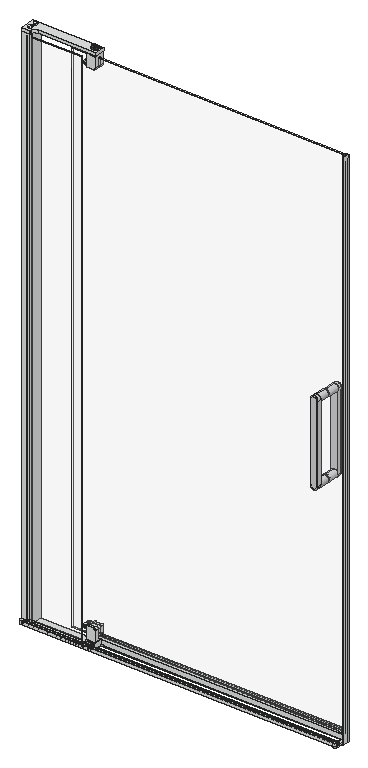
Revit family "Shower-Shower_Door-KOHLER-Revel-K-707546_1", category Specialty Equipment, host Face, Revit 2022 (continued)
Definition of nested family "K-707546"
  Dimensions and locks (in)
    aligned and locked: Masking region 3 sketch curve to plane 30
    aligned and locked: plane 29 to Masking region 3 sketch curve
    aligned and locked: Extrusion 35 sketch curve to plane 28
    aligned and locked: Extrusion 35 to plane 22
    aligned and locked: Masking region 3 sketch curve to plane 28
    aligned and locked: plane 22 to Masking region 1 sketch curve
    aligned and locked: Masking region 1 sketch curve to plane 30
  Automatic sketch dimensions
    curve 91 to curve 92 = 0"  (x2)
    curve 91 to curve 93 = 0"  (x2)
    curve 91 to curve 94 = 0"  (x2)
    curve 91 to curve 95 = 0"  (x2)
    curve 92 to curve 93 = 0"  (x2)
    curve 92 to curve 94 = 0"  (x2)
    curve 92 to curve 95 = 0"  (x2)
    curve 93 to curve 94 = 0"  (x2)
    curve 93 to curve 95 = 0"  (x2)
    curve 94 to curve 95 = 0"  (x2)
    curve 143 to curve 144 = 0"  (x2)
    curve 143 to curve 145 = 0"  (x2)
    curve 143 to curve 146 = 0"  (x2)
    curve 144 to curve 145 = 0"  (x2)
    curve 144 to curve 146 = 0"  (x2)
    curve 145 to curve 146 = 0"  (x2)
    curve 80 to plane 4 = 0"
    curve 74 to plane 14 = 0"
    plane 1 "Center (Front/Back)" to curve 94 = 0"
    curve 75 to plane 14 = 0"
    curve 78 to plane 27 = 0"
    curve 147 to plane 27 = 0"
    plane 15 to curve 135 = 0"
    plane 15 to curve 136 = 0"
    curve 150 to plane 29 = 0"
    curve 159 to plane 31 = 0"
    curve 153 to plane 30 = 0"
    curve 161 to plane 30 = 0"
    curve 152 to plane 30 = 0"
    plane 15 to curve 150 = 0"
    plane 19 "A" to curve 131 = 0.03673"
    plane 18 to curve 131 = 0.13423"
    plane 20 "B" to curve 116 = 0.03673"
    plane 18 to curve 116 = 0.13423"
    plane 18 to curve 128 = 0.03673"
    plane 18 to curve 123 = 0.03673"
    plane 18 to curve 108 = 0.03673"
    plane 18 to curve 119 = 0.03673"
    curve 118 to plane 18 = 0.03673"
    curve 109 to plane 18 = 0.03673"
    curve 130 to plane 18 = 0.03673"
    curve 124 to plane 18 = 0.03673"
    curve 125 to plane 19 "A" = 0.03673"
    curve 122 to curve 125 = 0.0975"
    plane 20 "B" to curve 112 = 0.03673"
    curve 110 to curve 112 = 0.0975"
    curve 81 to curve 81 = 0.09093"
    curve 85 to plane 5 = 61/256"
    curve 84 to plane 5 = 0.03"
    curve 83 to plane 5 = 0.03"
    plane 1 "Center (Front/Back)" to curve 102 = 0.02884"
    plane 5 to curve 102 = 0.76063"
    plane 20 "B" to curve 141 = 0.16284"
    curve 102 to curve 141 = 0.04852"
    curve 102 to curve 96 = 0.09966"
    curve 102 to curve 104 = 0.09966"
    curve 141 to curve 143 = 0.07988"
    curve 96 to curve 140 = 0.02874"
    curve 140 to curve 94 = 0.0001"
    curve 95 to curve 103 = 0.02884"
    curve 140 to curve 100 = 0.02895"
    plane 1 "Center (Front/Back)" to curve 103 = 0.02884"
    curve 103 to curve 103 = 0.09966"
    plane 1 "Center (Front/Back)" to curve 142 = 0.04856"
    curve 142 to plane 27 = 0.23277"
    curve 157 to plane 31 = 0.03365"
    plane 31 to curve 158 = 0.01322"
    plane 31 to curve 156 = 0.02423"
    curve 156 to curve 154 = 0.00633"
    curve 155 to curve 153 = 0.05885"
    plane 31 to curve 155 = 0.08389"
    plane 1 "Center (Front/Back)" to curve 160 = 0.00425"
    curve 155 to curve 160 = 0.02009"
    plane 31 to curve 162 = 0.15086"
    curve 163 to curve 163 = 0.02441"
    curve 148 to plane 30 = 0.05767"
    curve 147 to plane 30 = 0.05767"
    curve 80 to curve 79 = 0.1652"
    curve 84 to plane 15 = 0.4581"
    curve 84 to curve 85 = 0.11575"
    curve 130 to curve 129 = 0.0975"
    plane 19 "A" to curve 130 = 0.03673"
    curve 127 to plane 19 "A" = 0.03673"
    curve 120 to curve 121 = 0.0975"
    plane 1 "Center (Front/Back)" to curve 162 = 0.18411"
    curve 163 to curve 148 = 0.02361"
    curve 104 to curve 104 = 0.09966"
    curve 101 to plane 1 "Center (Front/Back)" = 0.02884"
    curve 96 to plane 1 "Center (Front/Back)" = 0.02884"
    curve 96 to curve 140 = 0.00248"
    curve 155 to plane 1 "Center (Front/Back)" = 0.09118"
    curve 99 to curve 97 = 0.09966"
    curve 155 to curve 154 = 0.06544"
    curve 154 to curve 156 = 0.00927"
    curve 111 to plane 20 "B" = 0.13423"
    curve 158 to plane 20 "B" = 0.03683"
    curve 114 to plane 20 "B" = 0.03673"
    curve 119 to plane 20 "B" = 0.03673"
    curve 158 to curve 157 = 0.0175"
    curve 108 to curve 108 = 0.0975"
    curve 141 to curve 144 = 0.00699"
    curve 88 to curve 81 = 0.00607"
    plane 5 to curve 87 = 0.27052"
    plane 5 to curve 74 = 0.38638"
    curve 94 to curve 102 = 0.2311"
    curve 92 to curve 102 = 0.08693"
    plane 20 "B" to curve 141 = 0.01706"
    curve 74 to curve 141 = 0.00276"
    curve 140 to curve 141 = 0"
    curve 143 to curve 141 = 0.01712"
    curve 141 to curve 144 = 0.00256"
    curve 146 to curve 75 = 0.02854"
    plane 1 "Center (Front/Back)" to curve 142 = 0.13925"
    curve 75 to plane 27 = 0.1683"
    curve 89 to plane 27 = 0.04478"
    curve 135 to plane 19 "A" = 0.21563"
    curve 135 to plane 6 "K" = 0.49213"
    curve 132 to plane 20 "B" = 0.11924"
    curve 132 to plane 6 "K" = 0.49213"
    curve 138 to plane 6 "K" = 0.49213"
    plane 6 "K" to curve 136 = 0.49213"
    curve 134 to curve 136 = 0"
    plane 6 "K" to curve 138 = 0.49213"
    curve 156 to plane 29 = 0.05792"
    curve 156 to curve 139 = 0.00498"
    curve 163 to curve 161 = 0.0027"
    plane 30 to curve 162 = 0.01307"
    curve 136 to curve 137 = 0.05765"
    curve 137 to curve 151 = 0.2007"
    curve 151 to curve 152 = 0.06438"
    curve 87 to curve 90 = 0.123"
    curve 89 to curve 87 = 0.11678"
    curve 162 to plane 19 "A" = 0.03474"
    curve 162 to curve 161 = 0.0941"
    curve 77 to curve 148 = 0.17575"
    curve 150 to plane 19 "A" = 0.21563"
    curve 136 to plane 19 "A" = 0.21563"
    curve 76 to curve 148 = 0.06517"
    curve 76 to plane 14 = 0.19046"
    curve 133 to plane 14 = 0.19046"
    curve 134 to plane 14 = 0.19046"
    plane 12 to curve 138 = 0.51403"
    curve 35 to curve 36 = 0"  (x2)
    plane 4 to curve 3 = 0"
    plane 4 to curve 5 = 0"
    curve 1 to plane 7 = 0"
    curve 4 to plane 16 = 0"
    curve 4 to plane 17 = 0"
    curve 3 to plane 8 = 0"
    curve 14 to plane 21 "C" = 0"
    curve 6 to plane 5 = 0"
    curve 5 to plane 5 = 0"
    curve 33 to plane 17 = 0"
    curve 13 to plane 16 = 0"
    curve 20 to plane 8 = 0"
    curve 23 to plane 7 = 0"
    curve 34 to plane 17 = 0"
    curve 15 to plane 16 = 0"
    curve 166 to plane 22 = 0"
    curve 17 to plane 30 = 0"
    curve 165 to plane 30 = 0"
    curve 149 to level = 0"
    curve 149 to plane 22 = 0"
    curve 167 to level = 0"
    curve 35 to plane 9 "D" = 0"
    curve 6 to plane 17 = 0"
    curve 14 to plane 5 = 0.03234"
    plane 9 "D" to curve 33 = 0.02692"
    plane 5 to curve 33 = 0.26228"
    curve 7 to plane 21 "C" = 0.03784"
    plane 5 to curve 7 = 0.28002"
    plane 9 "D" to curve 30 = 0.27933"
    curve 8 to curve 8 = 0.24016"
    curve 30 to plane 27 = 0.31124"
    curve 10 to plane 21 "C" = 0.03893"
    curve 10 to plane 27 = 0.28385"
    plane 9 "D" to curve 34 = 0.02692"
    plane 31 to curve 166 = 0.15086"
    plane 16 to curve 18 = 0.04195"
    plane 7 to curve 2 = 0.03277"
    plane 18 to curve 2 = 0.246"
    curve 2 to curve 1 = 0"  (x2)
    curve 1 to plane 18 = 0.246"
    curve 4 to plane 18 = 0.48083"
    curve 1 to curve 3 = 0.23863"
    plane 5 to curve 22 = 0.26706"
    curve 31 to curve 36 = 0.02188"
    plane 26 to curve 25 = 0.16051"
    plane 5 to curve 25 = 0.56409"
    plane 16 to curve 12 = 0.12358"
    curve 7 to curve 12 = 0.37288"
    curve 12 to curve 13 = 0"
    curve 25 to curve 24 = 23/256"
    curve 22 to curve 20 = 0.38688"
    curve 24 to curve 23 = 0"  (x2)
    curve 20 to curve 21 = 0"  (x2)
    curve 20 to plane 27 = 0.45049"
    curve 23 to curve 20 = 0"
    curve 13 to curve 11 = 0.40467"
    curve 13 to curve 12 = 0.00481"
    curve 24 to curve 25 = 23/256"
    curve 22 to plane 27 = 0.06361"
    curve 15 to plane 27 = 0.04478"
    curve 168 to plane 29 = 0.05794"
    curve 149 to plane 28 = 0.05484"
    curve 16 to level = 0.00013"
    curve 18 to curve 15 = 0.13054"
    plane 16 to curve 11 = 0.16295"
    curve 166 to curve 19 = 0.42563"
    plane 16 to curve 6 = 0.46758"
    curve 7 to curve 6 = 0"
    plane 21 "C" to curve 14 = 0.31068"
    curve 35 to plane 9 "D" = 0.16965"
    curve 22 to plane 8 = 0.13399"
    curve 21 to plane 8 = 0.07121"
    curve 24 to curve 25 = 0.063"
    Extrusion 1 sketch curve to level = 0"
    Extrusion 1 sketch curve to plane 15 = 0.06835"
    Extrusion 1 sketch curve to Extrusion 1 sketch curve = 0.0575"
    Extrusion 1 sketch curve to Extrusion 1 sketch curve = 0.00517"
    Extrusion 1 sketch curve to Extrusion 1 sketch curve = 0.01419"
    Extrusion 1 sketch curve to Extrusion 1 sketch curve = 0.06095"
    level to Extrusion 1 sketch curve = 1/16"
    Extrusion 1 sketch curve to plane 19 "A" = 0.24875"
    Extrusion 1 sketch curve to Extrusion 1 sketch curve = 0.0269"
    Extrusion 1 sketch curve to plane 14 = 0.11294"
    Extrusion 1 sketch curve to plane 14 = 0.10972"
    level to Extrusion 1 sketch curve = 0.0362"
    level to Extrusion 1 sketch curve = 0.1353"
    Extrusion 1 sketch curve to Extrusion 1 sketch curve = 0.18081"
    Extrusion 1 sketch curve to plane 16 = 0.14992"
    Extrusion 2 sketch curve to plane 15 = 0"
    Extrusion 2 sketch curve to plane 16 = 0"
    Extrusion 2 sketch curve to level = 0"
    Extrusion 2 sketch curve to Extrusion 2 sketch curve = 0.02565"
    Extrusion 2 sketch curve to Extrusion 2 sketch curve = 0.04849"
    Extrusion 2 sketch curve to plane 15 = 0.06835"
    Extrusion 2 sketch curve to Extrusion 2 sketch curve = 0.01986"
    Extrusion 2 sketch curve to Extrusion 2 sketch curve = 0.13"
    Extrusion 2 sketch curve to Extrusion 2 sketch curve = 0.03"
    Extrusion 2 sketch curve to Extrusion 2 sketch curve = 0.02306"
    level to Extrusion 2 sketch curve = 0.06"
    Extrusion 2 sketch curve to plane 19 "A" = 0.21563"
    Extrusion 2 sketch curve to level = 0.00012"
    Extrusion 2 sketch curve to Extrusion 2 sketch curve = 0.05002"
    Extrusion 2 sketch curve to Extrusion 2 sketch curve = 0.06012"
    Extrusion 2 sketch curve to Extrusion 2 sketch curve = 0.23886"
    Extrusion 2 sketch curve to Extrusion 2 sketch curve = 0.03927"
    Extrusion 3 sketch curve to plane 15 = 0"
    Extrusion 3 sketch curve to plane 16 = 0"
    plane 15 to Extrusion 3 sketch curve = 0.01592"
    Extrusion 3 sketch curve to Extrusion 3 sketch curve = 0.01926"
    Extrusion 3 sketch curve to plane 15 = 0.27398"
    Extrusion 3 sketch curve to Extrusion 3 sketch curve = 0.02839"
    level to Extrusion 3 sketch curve = 0.12718"
    Extrusion 3 sketch curve to Extrusion 3 sketch curve = 0.02873"
    Extrusion 3 sketch curve to Extrusion 3 sketch curve = 0.00215"
    Extrusion 3 sketch curve to Extrusion 3 sketch curve = 0.01786"
    Extrusion 3 sketch curve to Extrusion 3 sketch curve = 0.03964"
    level to Extrusion 3 sketch curve = 0.02652"
    Extrusion 3 sketch curve to plane 19 "A" = 0.24875"
    Extrusion 3 sketch curve to level = 0.00012"
    Extrusion 3 sketch curve to plane 20 "B" = 0.05137"
    Extrusion 3 sketch curve to plane 20 "B" = 0.04724"
    Extrusion 3 sketch curve to plane 20 "B" = 0.01862"
    level to Extrusion 3 sketch curve = 0.03588"
    Extrusion 3 sketch curve to Extrusion 3 sketch curve = 0.03586"
    Extrusion 3 sketch curve to Extrusion 3 sketch curve = 0.17605"
    plane 16 to Extrusion 3 sketch curve = 0.01936"
    Extrusion 4 sketch curve to plane 4 = 0"  (x3)
    Extrusion 4 sketch curve to Extrusion 4 sketch curve = 0.0602"  (x3)
    plane 18 to Extrusion 4 sketch curve = 0.07962"  (x2)
    Extrusion 4 sketch curve to plane 18 = 0.12868"
    Extrusion 4 sketch curve to Extrusion 4 sketch curve = 0.35216"
    Extrusion 4 sketch curve to plane 14 = 0.06541"
    Extrusion 4 sketch curve to plane 18 = 0.48463"
    Extrusion 4 sketch curve to Extrusion 4 sketch curve = 0.08028"
    Extrusion 4 sketch curve to plane 20 "B" = 0.05739"
    Extrusion 4 sketch curve to Extrusion 4 sketch curve = 0.06414"
    Extrusion 4 sketch curve to plane 19 "A" = 0.12285"
    Extrusion 4 sketch curve to plane 19 "A" = 0.05862"
    plane 19 "A" to Extrusion 4 sketch curve = 0.29112"
    Extrusion 4 sketch curve to Extrusion 4 sketch curve = 0.11575"
    Extrusion 4 sketch curve to plane 15 = 0.32135"
    Extrusion 4 sketch curve to Extrusion 4 sketch curve = 0.063"
    plane 18 to Extrusion 5 sketch curve = 0.07962"  (x2)
    Extrusion 5 sketch curve to plane 18 = 0.12868"
    Extrusion 5 sketch curve to plane 5 = 61/256"
    Extrusion 5 sketch curve to plane 5 = 0.03"  (x2)
    Extrusion 5 sketch curve to plane 15 = 0.4581"
    Extrusion 5 sketch curve to Extrusion 5 sketch curve = 0.11575"
    Extrusion 6 sketch curve to plane 14 = 0"
    Extrusion 6 sketch curve to plane 15 = 0.20009"
    Extrusion 6 sketch curve to plane 18 = 0.45693"
    Extrusion 6 sketch curve to Extrusion 6 sketch curve = 0.09093"
    Extrusion 6 sketch curve to Extrusion 6 sketch curve = 0.51584"
    Extrusion 6 sketch curve to Extrusion 6 sketch curve = 0.07427"
    Revolve 7 sketch curve to plane 7 = 0.10388"
    Revolve 7 sketch curve to Revolve 7 sketch curve = 0.03277"
    Revolve 7 sketch curve to Revolve 7 sketch curve = 0.17753"
    Revolve 7 sketch curve to plane 26 = 0.02929"
    Revolve 7 sketch curve to Revolve 7 sketch curve = 0.2419"
    Revolve 8 sketch curve to Revolve 8 sketch curve = 0.03277"
    Revolve 8 sketch curve to Revolve 8 sketch curve = 0.17753"
    Revolve 8 sketch curve to plane 7 = 0.10388"
    plane 26 to Revolve 8 sketch curve = 0.01062"
    Revolve 8 sketch curve to plane 26 = 0.13893"
    Extrusion 9 sketch curve to level = 0"
    Extrusion 9 sketch curve to plane 15 = 0.06835"
    Extrusion 9 sketch curve to Extrusion 9 sketch curve = 0.0575"
    Extrusion 9 sketch curve to Extrusion 9 sketch curve = 0.11628"
    Extrusion 9 sketch curve to Extrusion 9 sketch curve = 0.01"
    Extrusion 9 sketch curve to Extrusion 9 sketch curve = 0.0365"
    Extrusion 9 sketch curve to plane 16 = 0.00492"  (x2)
    Extrusion 9 sketch curve to Extrusion 9 sketch curve = 0.03091"
    Extrusion 9 sketch curve to Extrusion 9 sketch curve = 0.05911"
    Extrusion 9 sketch curve to Extrusion 9 sketch curve = 1/8"
    Extrusion 9 sketch curve to Extrusion 9 sketch curve = 0.04573"
    Extrusion 9 sketch curve to Extrusion 9 sketch curve = 0.27637"
    Extrusion 9 sketch curve to Extrusion 9 sketch curve = 0.06091"
    Extrusion 9 sketch curve to Extrusion 9 sketch curve = 0.04562"
    level to Extrusion 9 sketch curve = 1/16"
    Extrusion 9 sketch curve to plane 19 "A" = 0.24913"
    Extrusion 9 sketch curve to Extrusion 9 sketch curve = 1/32"
    Extrusion 9 sketch curve to plane 14 = 0.07674"
    level to Extrusion 9 sketch curve = 0.13559"
    level to Extrusion 9 sketch curve = 1/4"
    Extrusion 9 sketch curve to Extrusion 9 sketch curve = 0.05172"
    Extrusion 9 sketch curve to plane 16 = 0.14992"
    Extrusion 10 sketch curve to plane 21 "C" = 0.03784"
    plane 5 to Extrusion 10 sketch curve = 0.28002"
    Extrusion 10 sketch curve to Extrusion 10 sketch curve = 0.03852"
    Extrusion 10 sketch curve to Extrusion 10 sketch curve = 0.24016"
    Extrusion 10 sketch curve to plane 21 "C" = 0.03893"
    Extrusion 10 sketch curve to plane 27 = 0.28385"
    Extrusion 10 sketch curve to Extrusion 10 sketch curve = 0.03937"
    plane 16 to Extrusion 10 sketch curve = 0.16295"
    plane 1 "Center (Front/Back)" to Extrusion 11 sketch curve = 0.223"
    Extrusion 11 sketch curve to plane 20 "B" = 0.04449"
    plane 16 to Extrusion 11 sketch curve = 0.46758"
    Extrusion 11 sketch curve to plane 21 "C" = 0.5088"
    plane 5 to Extrusion 12 sketch curve = 0.29971"
    Extrusion 12 sketch curve to plane 21 "C" = 0.25831"
    Extrusion 12 sketch curve to Extrusion 12 sketch curve = 0.22047"
    Extrusion 12 sketch curve to plane 21 "C" = 0.03893"
    Extrusion 12 sketch curve to plane 27 = 0.28385"
    plane 16 to Extrusion 12 sketch curve = 0.46758"
    plane 20 "B" to Revolve 13 sketch curve = 0.069"
    plane 20 "B" to Revolve 13 sketch curve = 0.02888"
    Revolve 13 sketch curve to plane 20 "B" = 0.14723"
    Revolve 13 sketch curve to Revolve 13 sketch curve = 0.03917"  (x2)
    plane 1 "Center (Front/Back)" to Revolve 13 sketch curve = 0.097"
    Revolve 13 sketch curve to Revolve 13 sketch curve = 0.17611"
    Revolve 13 sketch curve to plane 5 = 0.03234"  (x2)
    Revolve 13 sketch curve to plane 19 "A" = 0.19948"
    Revolve 13 sketch curve to plane 5 = 0.18945"
    Revolve 13 sketch curve to Revolve 13 sketch curve = 0.1116"  (x2)
    Revolve 13 sketch curve to Revolve 13 sketch curve = 0.00353"  (x2)
    Revolve 13 sketch curve to Revolve 13 sketch curve = 0.138"
    Revolve 13 sketch curve to Revolve 13 sketch curve = 0"
    plane 5 to Extrusion 14 sketch curve = 0.48346"
    Extrusion 14 sketch curve to Extrusion 14 sketch curve = 0.10908"  (x7)
    Extrusion 14 sketch curve to Extrusion 14 sketch curve = 0.40681"
    Extrusion 14 sketch curve to Extrusion 14 sketch curve = 0"  (x2)
    plane 21 "C" to Extrusion 14 sketch curve = 0.69196"
    Extrusion 14 sketch curve to Extrusion 14 sketch curve = 0.06298"  (x6)
    Extrusion 14 sketch curve to Extrusion 14 sketch curve = 0.12596"  (x6)
    Revolve 15 sketch curve to plane 5 = 0"  (x2)
    plane 20 "B" to Revolve 15 sketch curve = 0.07592"
    plane 20 "B" to Revolve 15 sketch curve = 0.0358"
    Revolve 15 sketch curve to plane 20 "B" = 0.14031"
    Revolve 15 sketch curve to Revolve 15 sketch curve = 0.03917"  (x2)
    plane 1 "Center (Front/Back)" to Revolve 15 sketch curve = 0.09007"
    Revolve 15 sketch curve to Revolve 15 sketch curve = 0.17611"
    Revolve 15 sketch curve to Revolve 15 sketch curve = 0.04012"
    Revolve 15 sketch curve to plane 5 = 0.15711"
    Revolve 15 sketch curve to Revolve 15 sketch curve = 0.1116"  (x2)
    Revolve 15 sketch curve to Revolve 15 sketch curve = 0.00353"  (x2)
    Revolve 15 sketch curve to Revolve 15 sketch curve = 0.04117"
    Revolve 15 sketch curve to Revolve 15 sketch curve = 0.03191"
    plane 1 "Center (Front/Back)" to Extrusion 16 sketch curve = 0.1776"
    plane 1 "Center (Front/Back)" to Extrusion 16 sketch curve = 0.13662"
    Extrusion 16 sketch curve to Extrusion 16 sketch curve = 0.01969"
    plane 1 "Center (Front/Back)" to Extrusion 16 sketch curve = 0.097"
    Extrusion 16 sketch curve to plane 1 "Center (Front/Back)" = 0.019"
    Extrusion 16 sketch curve to plane 1 "Center (Front/Back)" = 0.135"
    Extrusion 16 sketch curve to Extrusion 16 sketch curve = 0.01577"
    Extrusion 16 sketch curve to Extrusion 16 sketch curve = 0.06816"
    Extrusion 16 sketch curve to Extrusion 16 sketch curve = 0.02029"
    Extrusion 16 sketch curve to plane 20 "B" = 0.06943"
    Extrusion 16 sketch curve to plane 20 "B" = 0.05981"
    Extrusion 16 sketch curve to plane 20 "B" = 0.04455"
    Extrusion 16 sketch curve to Extrusion 16 sketch curve = 0.00192"
    Extrusion 16 sketch curve to Extrusion 16 sketch curve = 0.02195"
    Extrusion 16 sketch curve to plane 20 "B" = 0.0158"
    plane 20 "B" to Extrusion 16 sketch curve = 0.02709"
    plane 20 "B" to Extrusion 16 sketch curve = 0.1554"
    Extrusion 16 sketch curve to Extrusion 16 sketch curve = 0.13668"
    Extrusion 16 sketch curve to plane 14 = 0.10279"
    plane 12 to Extrusion 16 sketch curve = 0.13751"
    level to Extrusion 16 sketch curve = 0.02205"
    plane 16 to Extrusion 16 sketch curve = 0.38094"
    plane 16 to Extrusion 16 sketch curve = 0.46758"
    Extrusion 16 sketch curve to Extrusion 16 sketch curve = 0.05297"
    Extrusion 16 sketch curve to Extrusion 16 sketch curve = 0.06092"
    Extrusion 16 sketch curve to Extrusion 16 sketch curve = 0.00797"
    Extrusion 16 sketch curve to Extrusion 16 sketch curve = 0.08"
    Extrusion 16 sketch curve to Extrusion 16 sketch curve = 0.0482"
    Extrusion 16 sketch curve to Extrusion 16 sketch curve = 0.00549"
    Extrusion 16 sketch curve to Extrusion 16 sketch curve = 0.13016"
    Extrusion 16 sketch curve to Extrusion 16 sketch curve = 0.17562"
    Extrusion 16 sketch curve to Extrusion 16 sketch curve = 0.03365"
    Extrusion 16 sketch curve to Extrusion 16 sketch curve = 0.22138"
    Extrusion 16 sketch curve to Extrusion 16 sketch curve = 0.42658"
    Extrusion 16 sketch curve to Extrusion 16 sketch curve = 0.04739"
    Extrusion 16 sketch curve to plane 21 "C" = 0.6411"
    Extrusion 16 sketch curve to Extrusion 16 sketch curve = 0"  (x4)
    Extrusion 16 sketch curve to plane 20 "B" = 0.00715"
    Extrusion 16 sketch curve to Extrusion 16 sketch curve = 0.00661"
    Extrusion 17 sketch curve to Extrusion 17 sketch curve = 0.03321"  (x2)
    plane 9 "D" to Extrusion 17 sketch curve = 0.02692"  (x2)
    Extrusion 17 sketch curve to plane 27 = 0.05882"
    plane 5 to Extrusion 17 sketch curve = 0.51469"
    plane 1 "Center (Front/Back)" to Extrusion 18 sketch curve = 0.22762"
    Extrusion 18 sketch curve to plane 20 "B" = 0.08637"
    plane 5 to Extrusion 19 sketch curve = 0.28196"
    plane 9 "D" to Extrusion 19 sketch curve = 0.02692"  (x2)
    Extrusion 19 sketch curve to Extrusion 19 sketch curve = 0.23273"
    Extrusion 19 sketch curve to plane 27 = 0.31124"
    plane 1 "Center (Front/Back)" to Extrusion 20 sketch curve = 0.1605"
    Extrusion 20 sketch curve to plane 5 = 2.07363"
    Extrusion 20 sketch curve to plane 1 "Center (Front/Back)" = 0.152"
    Extrusion 20 sketch curve to Extrusion 20 sketch curve = 0"
    Extrusion 20 sketch curve to Extrusion 20 sketch curve = 0.19516"
    plane 1 "Center (Front/Back)" to Extrusion 20 sketch curve = 0.00425"
    plane 31 to Extrusion 20 sketch curve = 0.10398"
    plane 23 to Extrusion 21 sketch curve = 0.06719"  (x4)
    plane 5 to Extrusion 21 sketch curve = 0.46627"
    Extrusion 21 sketch curve to plane 23 = 0.12174"  (x2)
    Extrusion 21 sketch curve to Extrusion 21 sketch curve = 0.10908"  (x7)
    plane 23 to Extrusion 21 sketch curve = 0.00422"  (x2)
    Extrusion 21 sketch curve to plane 22 = 0.12366"  (x2)
    Extrusion 21 sketch curve to Extrusion 21 sketch curve = 0.40862"
    Extrusion 21 sketch curve to Extrusion 21 sketch curve = 0"
    Extrusion 21 sketch curve to plane 23 = 0.05876"  (x4)
    Revolve 22 sketch curve to plane 11 = 0"
    plane 24 to Revolve 22 sketch curve = 0.24424"
    plane 12 to Revolve 22 sketch curve = 0.51403"
    Revolve 22 sketch curve to plane 1 "Center (Front/Back)" = 0.135"
    plane 1 "Center (Front/Back)" to Revolve 22 sketch curve = 0.097"
    Revolve 22 sketch curve to plane 15 = 0.05765"
    Revolve 22 sketch curve to plane 12 = 1.06078"
    Revolve 22 sketch curve to Revolve 22 sketch curve = 0.3937"
    plane 1 "Center (Front/Back)" to Revolve 23 sketch curve = 0.097"
    Revolve 23 sketch curve to plane 25 = 0.24424"
    Revolve 23 sketch curve to plane 1 "Center (Front/Back)" = 0.135"
    plane 12 to Revolve 23 sketch curve = 0.51403"
    Revolve 23 sketch curve to plane 15 = 0.05765"
    Revolve 23 sketch curve to plane 12 = 3.81668"
    Revolve 23 sketch curve to Revolve 23 sketch curve = 0.7874"
    Sweep 24 sketch curve to profile plane = 0"
    Sweep 24 sketch curve to profile plane = 0.03819"
    Sweep 24 sketch curve to Sweep 24 sketch curve = 0.03217"
    plane 1 "Center (Front/Back)" to Sweep 24 sketch curve = 1.47495"
    Sweep 24 sketch curve to Sweep 24 sketch curve = 0.48457"
    Extrusion 25 sketch curve to plane 25 = 0"
    Sweep 26 sketch curve to profile plane = 0"
    profile plane to Sweep 26 sketch curve = 0.03596"
    Sweep 26 sketch curve to Sweep 26 sketch curve = 0.04726"
    Sweep 26 sketch curve to plane 1 "Center (Front/Back)" = 2.10994"
    Sweep 26 sketch curve to Sweep 26 sketch curve = 0.47807"
    Extrusion 27 sketch curve to plane 25 = 0"
    Extrusion 27 sketch curve to plane 24 = 0"
    plane 1 "Center (Front/Back)" to Extrusion 28 sketch curve = 0"
    Extrusion 28 sketch curve to plane 27 = 0.68567"
    Masking region 1 sketch curve to Masking region 1 sketch curve = 0"  (x4)
    plane 18 to Masking region 1 sketch curve = 0"
    Masking region 1 sketch curve to plane 7 = 0"  (x2)
    Masking region 1 sketch curve to plane 5 = 0"
    Masking region 1 sketch curve to plane 26 = 0"
    Masking region 1 sketch curve to plane 16 = 0"  (x2)
    Masking region 1 sketch curve to plane 8 = 0"
    Masking region 1 sketch curve to plane 17 = 0"
    Masking region 1 sketch curve to plane 28 = 0"
    Masking region 1 sketch curve to level = 0"
    plane 18 to Masking region 1 sketch curve = 0.246"
    plane 7 to Masking region 1 sketch curve = 0.03277"
    Masking region 1 sketch curve to plane 18 = 0.246"
    plane 5 to Masking region 1 sketch curve = 0.26228"
    Masking region 1 sketch curve to plane 8 = 0.07121"  (x2)
    Masking region 1 sketch curve to Masking region 1 sketch curve = 0.00478"
    Masking region 1 sketch curve to Masking region 1 sketch curve = 0.28002"
    Masking region 1 sketch curve to Masking region 1 sketch curve = 0.03852"
    Masking region 1 sketch curve to Masking region 1 sketch curve = 0.11286"
    plane 7 to Masking region 1 sketch curve = 0.1409"  (x2)
    plane 5 to Masking region 1 sketch curve = 0.52953"
    plane 26 to Masking region 1 sketch curve = 0.16051"  (x2)
    Masking region 1 sketch curve to Masking region 1 sketch curve = 0.03457"  (x2)
    plane 26 to Masking region 1 sketch curve = 0.02092"  (x2)
    Masking region 1 sketch curve to Masking region 1 sketch curve = 0.01962"
    plane 26 to Masking region 1 sketch curve = 0.02431"
    Masking region 1 sketch curve to Masking region 1 sketch curve = 0.33436"
    Masking region 1 sketch curve to Masking region 1 sketch curve = 0.12442"
    Masking region 1 sketch curve to Masking region 1 sketch curve = 0.27402"
    Masking region 1 sketch curve to plane 27 = 0.45049"
    plane 16 to Masking region 1 sketch curve = 0.12358"
    Masking region 1 sketch curve to plane 27 = 0.44945"
    Masking region 1 sketch curve to Masking region 1 sketch curve = 0.04616"
    Masking region 1 sketch curve to Masking region 1 sketch curve = 0.02407"
    Masking region 1 sketch curve to Masking region 1 sketch curve = 23/256"
    Masking region 1 sketch curve to plane 27 = 0.17647"
    Masking region 1 sketch curve to plane 27 = 0.08415"
    Masking region 1 sketch curve to plane 27 = 0.06361"
    Masking region 1 sketch curve to plane 27 = 0.05882"
    Masking region 1 sketch curve to plane 27 = 0.04478"
    Masking region 1 sketch curve to Masking region 1 sketch curve = 0.12358"
    Masking region 1 sketch curve to Masking region 1 sketch curve = 0.03937"
    Masking region 1 sketch curve to Masking region 1 sketch curve = 0.30548"
    Masking region 1 sketch curve to Masking region 1 sketch curve = 0.09599"  (x2)
    Masking region 1 sketch curve to plane 7 = 0.10415"
    Masking region 2 sketch curve to Masking region 2 sketch curve = 0"  (x7)
    Masking region 2 sketch curve to level = 0"  (x2)
    Masking region 2 sketch curve to plane 15 = 0"  (x2)
    Masking region 2 sketch curve to plane 10 = 0"
    Masking region 2 sketch curve to plane 12 = 0"
    Masking region 2 sketch curve to plane 13 = 0"
    Masking region 2 sketch curve to plane 11 = 0"  (x2)
    Masking region 2 sketch curve to plane 8 = 0"
    Masking region 2 sketch curve to plane 19 "A" = 0"
    Masking region 2 sketch curve to plane 20 "B" = 0"
    Masking region 2 sketch curve to plane 7 = 0"  (x2)
    Masking region 2 sketch curve to plane 14 = 0"
    Masking region 2 sketch curve to level = 0.00012"
    level to Masking region 2 sketch curve = 0.01986"
    Masking region 2 sketch curve to Masking region 2 sketch curve = 0.0269"
    level to Masking region 2 sketch curve = 0.03587"
    Masking region 2 sketch curve to Masking region 2 sketch curve = 0.0331"
    Masking region 2 sketch curve to Masking region 2 sketch curve = 0.00251"
    Masking region 2 sketch curve to Masking region 2 sketch curve = 0.05002"
    Masking region 2 sketch curve to Masking region 2 sketch curve = 0.06012"
    Masking region 2 sketch curve to Masking region 2 sketch curve = 0.0053"
    level to Masking region 2 sketch curve = 0.21702"
    Masking region 2 sketch curve to Masking region 2 sketch curve = 0.03298"  (x2)
    Masking region 2 sketch curve to Masking region 2 sketch curve = 0.12887"
    Masking region 2 sketch curve to Masking region 2 sketch curve = 0.04783"
    Masking region 2 sketch curve to Masking region 2 sketch curve = 0.04523"
    Masking region 2 sketch curve to Masking region 2 sketch curve = 0.056"
    Masking region 2 sketch curve to Masking region 2 sketch curve = 0.112"
    Masking region 2 sketch curve to plane 16 = 0.06492"
    plane 16 to Masking region 2 sketch curve = 0.01936"
    Masking region 2 sketch curve to Masking region 2 sketch curve = 0.0226"
    Masking region 2 sketch curve to plane 14 = 0.01249"  (x4)
    plane 16 to Masking region 2 sketch curve = 0.12358"
    plane 14 to Masking region 2 sketch curve = 0.03695"  (x2)
    Masking region 2 sketch curve to Masking region 2 sketch curve = 0.65502"
    plane 21 "C" to Masking region 2 sketch curve = 0.37702"
    Masking region 2 sketch curve to plane 21 "C" = 0.278"
    Masking region 2 sketch curve to Masking region 2 sketch curve = 0.03937"
    Masking region 2 sketch curve to Masking region 2 sketch curve = 0.04189"
    Masking region 2 sketch curve to plane 15 = 0.05765"
    plane 25 to Masking region 2 sketch curve = 0.49008"
    Masking region 2 sketch curve to plane 14 = 0.06541"  (x3)
    plane 25 to Masking region 2 sketch curve = 0.49213"
    Masking region 2 sketch curve to plane 24 = 0.49213"  (x2)
    Masking region 2 sketch curve to plane 11 = 0.03937"
    Masking region 2 sketch curve to plane 11 = 0.03773"
    plane 9 "D" to Masking region 2 sketch curve = 0.27933"
    Masking region 2 sketch curve to plane 23 = 0.18476"
    Masking region 2 sketch curve to plane 22 = 0.06065"
    Masking region 2 sketch curve to plane 8 = 0.13399"
    Masking region 2 sketch curve to plane 7 = 0.10301"  (x2)
    plane 7 to Masking region 2 sketch curve = 0.03265"  (x3)
    Masking region 2 sketch curve to Masking region 2 sketch curve = 0.10825"
    plane 20 "B" to Masking region 2 sketch curve = 0.05679"
    plane 7 to Masking region 2 sketch curve = 0.17155"
    plane 20 "B" to Masking region 2 sketch curve = 0.03811"
    Masking region 2 sketch curve to Masking region 2 sketch curve = 0.03235"
    Masking region 2 sketch curve to Masking region 2 sketch curve = 0.063"
    plane 26 to Masking region 2 sketch curve = 0.03296"  (x2)
    plane 26 to Masking region 2 sketch curve = 0.02837"  (x2)
    plane 12 to Masking region 2 sketch curve = 0.51403"
    Masking region 2 sketch curve to Masking region 2 sketch curve = 0.05292"  (x2)
    Masking region 2 sketch curve to plane 14 = 0.07674"
    plane 20 "B" to Masking region 2 sketch curve = 0.00335"
    Masking region 2 sketch curve to plane 20 "B" = 0.01523"
    plane 1 "Center (Front/Back)" to Masking region 2 sketch curve = 0.23689"
    Masking region 2 sketch curve to Masking region 2 sketch curve = 0.03674"
    Masking region 2 sketch curve to plane 19 "A" = 0.27565"
    Masking region 2 sketch curve to Masking region 2 sketch curve = 0.06964"
    Masking region 2 sketch curve to Masking region 2 sketch curve = 0.08795"
    Masking region 2 sketch curve to Masking region 2 sketch curve = 0.03313"
    Masking region 2 sketch curve to Masking region 2 sketch curve = 0.03477"
    Masking region 2 sketch curve to plane 15 = 0.25835"  (x2)
    Masking region 2 sketch curve to Masking region 2 sketch curve = 0.2007"
    Masking region 2 sketch curve to plane 15 = 0.25635"
    Masking region 2 sketch curve to Masking region 2 sketch curve = 0.028"
    Masking region 2 sketch curve to Masking region 2 sketch curve = 0.0365"
    Masking region 2 sketch curve to plane 15 = 0.20009"
    Masking region 2 sketch curve to Masking region 2 sketch curve = 0.01419"
    Masking region 2 sketch curve to Masking region 2 sketch curve = 0.00901"
    Masking region 2 sketch curve to Masking region 2 sketch curve = 0.0575"
    Masking region 2 sketch curve to plane 15 = 0.06835"  (x2)
    plane 15 to Masking region 2 sketch curve = 0.01592"
    curve 42 to level = 0"
    curve 41 to plane 15 = 0"
    curve 40 to plane 16 = 0"
    curve 53 to plane 10 = 0"
    curve 55 to plane 10 = 0"
    curve 56 to plane 10 = 0"
    curve 54 to plane 10 = 0"
    curve 60 to plane 11 = 0"
    curve 57 to plane 11 = 0"
    curve 59 to plane 11 = 0"
    curve 58 to plane 11 = 0"
    curve 50 to plane 8 = 0"
    curve 64 to plane 7 = 0"
    curve 65 to plane 7 = 0"
    level to curve 38 = 1/4"
    curve 41 to curve 41 = 0.02565"
    curve 39 to plane 16 = 0.02306"
    curve 69 to plane 20 "B" = 0.00166"
    curve 69 to plane 7 = 0.10106"
    plane 7 to curve 67 = 0.03265"
    curve 67 to plane 1 "Center (Front/Back)" = 0.07518"
    curve 38 to plane 15 = 0.25835"
    level to curve 44 = 0.06988"
    curve 44 to curve 44 = 0.06012"
    curve 44 to curve 43 = 0.13028"
    curve 43 to curve 41 = 0.12427"
    curve 40 to curve 38 = 0.04195"
    plane 16 to curve 45 = 0.12358"
    curve 46 to plane 14 = 0.01249"
    curve 45 to curve 46 = 0.65502"
    plane 21 "C" to curve 46 = 0.37702"
    curve 45 to plane 14 = 0.06541"
    curve 45 to plane 21 "C" = 0.278"
    curve 56 to plane 15 = 0.05765"
    plane 25 to curve 56 = 0.49008"
    curve 56 to curve 54 = 0"
    curve 53 to plane 14 = 0.06541"
    plane 25 to curve 53 = 0.49213"
    plane 25 to curve 55 = 0.49213"
    curve 57 to plane 14 = 0.06541"
    curve 57 to plane 24 = 0.49213"
    curve 60 to plane 15 = 0.05765"
    curve 60 to plane 24 = 0.49213"
    curve 60 to curve 59 = 0"
    curve 58 to plane 24 = 0.49213"
    curve 61 to plane 14 = 0.06541"
    plane 9 "D" to curve 61 = 0.27933"
    curve 62 to plane 14 = 0.01249"
    curve 62 to plane 23 = 0.18476"
    curve 62 to plane 22 = 0.06065"
    curve 61 to plane 8 = 0.13399"
    plane 7 to curve 66 = 0.03265"
    curve 71 to plane 20 "B" = 0.14018"
    plane 20 "B" to curve 69 = 0.05679"
    plane 20 "B" to curve 70 = 0.00355"
    curve 69 to curve 70 = 0.03235"
    curve 47 to plane 14 = 0.14569"
    curve 64 to plane 14 = 0.14464"
    curve 68 to curve 64 = 0"
    curve 37 to curve 47 = 0.03597"
    curve 63 to plane 14 = 0.06541"
    plane 12 to curve 55 = 0.51403"
    plane 12 to curve 58 = 0.51403"
    curve 48 to plane 20 "B" = 0.05739"
    curve 48 to curve 49 = 0.06414"
    plane 1 "Center (Front/Back)" to curve 71 = 0.23519"
    curve 71 to curve 64 = 0.0017"
    curve 64 to curve 66 = 0.06964"
    curve 65 to curve 66 = 0"
    curve 71 to curve 70 = 0.08965"
    curve 50 to plane 19 "A" = 0.12285"
    curve 51 to plane 19 "A" = 0.05862"
    plane 19 "A" to curve 65 = 0.24536"
    curve 66 to curve 65 = 0"
    curve 52 to plane 15 = 0.32135"
    curve 54 to curve 56 = 0.2007"
    curve 59 to curve 60 = 0.2007"
    curve 52 to curve 63 = 0.063"
    curve 43 to plane 15 = 0.06835"
    curve 44 to plane 15 = 0.06835"
    Masking region 3 sketch curve to plane 14 = 0"  (x3)
    Masking region 3 sketch curve to plane 27 = 0"  (x2)
    plane 15 to Masking region 3 sketch curve = 0"  (x2)
    plane 12 to Masking region 3 sketch curve = 0"
    plane 13 to Masking region 3 sketch curve = 0"
    Masking region 3 sketch curve to plane 6 "K" = 0"
    Masking region 3 sketch curve to plane 31 = 0"
    Masking region 3 sketch curve to plane 30 = 0"
    plane 5 to Masking region 3 sketch curve = 0.38638"
    plane 14 to Masking region 3 sketch curve = 0.03695"  (x2)
    Masking region 3 sketch curve to Masking region 3 sketch curve = 0.3937"
    Masking region 3 sketch curve to Masking region 3 sketch curve = 0.23449"
    Masking region 3 sketch curve to plane 27 = 0.1683"
    Masking region 3 sketch curve to plane 19 "A" = 0.21563"
    Masking region 3 sketch curve to plane 6 "K" = 0.49213"  (x3)
    Masking region 3 sketch curve to Masking region 3 sketch curve = 0.03693"
    Masking region 3 sketch curve to plane 13 = 0.05243"
    plane 6 "K" to Masking region 3 sketch curve = 0.4397"
    plane 12 to Masking region 3 sketch curve = 0.03693"
    plane 6 "K" to Masking region 3 sketch curve = 0.4552"
    plane 1 "Center (Front/Back)" to Masking region 3 sketch curve = 0.1776"
    plane 6 "K" to Masking region 3 sketch curve = 0.49213"
    Masking region 3 sketch curve to Masking region 3 sketch curve = 0.05243"
    plane 30 to Masking region 3 sketch curve = 0.03753"
    Masking region 3 sketch curve to plane 20 "B" = 0.03683"
    Masking region 3 sketch curve to plane 28 = 0.06578"
    Masking region 3 sketch curve to plane 28 = 0.03401"
    Masking region 3 sketch curve to plane 20 "B" = 0.00182"
    Masking region 3 sketch curve to plane 28 = 0.0305"
    plane 15 to Masking region 3 sketch curve = 0.03852"
    Masking region 3 sketch curve to plane 19 "A" = 0.03474"
    Masking region 3 sketch curve to Masking region 3 sketch curve = 0.03702"
    Masking region 3 sketch curve to Masking region 3 sketch curve = 0.05707"
    Masking region 3 sketch curve to Masking region 3 sketch curve = 0.15865"  (x2)
    Masking region 3 sketch curve to plane 1 "Center (Front/Back)" = 0.10898"
    Masking region 3 sketch curve to Masking region 3 sketch curve = 0.19046"
    Masking region 3 sketch curve to plane 14 = 0.19046"
    Extrusion 29 sketch curve to Extrusion 29 sketch curve = 0"  (x5)
    plane 20 "B" to Extrusion 29 sketch curve = 0.16284"
    Extrusion 29 sketch curve to plane 27 = 0.76566"
    Extrusion 29 sketch curve to plane 1 "Center (Front/Back)" = 0.03132"
    Extrusion 29 sketch curve to Extrusion 29 sketch curve = 0.07988"
    plane 1 "Center (Front/Back)" to Extrusion 29 sketch curve = 0.04856"
    Extrusion 29 sketch curve to plane 27 = 0.23277"
    Extrusion 29 sketch curve to plane 14 = 0.07796"
    Extrusion 30 sketch curve to Extrusion 30 sketch curve = 0"  (x2)
    plane 20 "B" to Extrusion 30 sketch curve = 0.16983"
    Extrusion 30 sketch curve to plane 27 = 0.68578"
    plane 18 to Extrusion 33 sketch curve = 0.07962"  (x2)
    Extrusion 33 sketch curve to plane 18 = 0.12868"
    Extrusion 33 sketch curve to plane 15 = 0.25835"
    Extrusion 33 sketch curve to plane 15 = 0.4581"
    Extrusion 33 sketch curve to Extrusion 33 sketch curve = 0.11575"
    Extrusion 33 sketch curve to plane 14 = 0.06541"
    Extrusion 34 sketch curve to level = 0"
    Extrusion 34 sketch curve to plane 15 = 0"
    Extrusion 34 sketch curve to plane 16 = 0"
    level to Extrusion 34 sketch curve = 1/4"
    Extrusion 34 sketch curve to plane 15 = 0.25835"
    Extrusion 34 sketch curve to plane 20 "B" = 0.01862"
    Extrusion 35 sketch curve to plane 28 = 0.0305"
    Extrusion 35 sketch curve to plane 28 = 0.03401"
    Extrusion 35 sketch curve to Extrusion 35 sketch curve = 0.03177"
    plane 30 to Extrusion 35 sketch curve = 0.03753"
    plane 30 to Extrusion 35 sketch curve = 0.01307"
    Extrusion 35 sketch curve to plane 30 = 11/64"
    Extrusion 35 sketch curve to Extrusion 35 sketch curve = 0.00967"
    plane 31 to Extrusion 35 sketch curve = 0.16509"
    Extrusion 35 sketch curve to Extrusion 35 sketch curve = 0.02441"
    plane 31 to Extrusion 35 sketch curve = 0.08389"
    Extrusion 35 sketch curve to plane 20 "B" = 0.03683"  (x2)
    plane 31 to Extrusion 35 sketch curve = 0.07207"
    plane 31 to Extrusion 35 sketch curve = 0.03056"
    Extrusion 35 sketch curve to Extrusion 35 sketch curve = 0.00633"
    plane 31 to Extrusion 35 sketch curve = 0.01322"
    Extrusion 35 sketch curve to plane 31 = 0.03365"
    Extrusion 35 sketch curve to plane 29 = 0.05794"
    Extrusion 35 sketch curve to Extrusion 35 sketch curve = 0.11878"
    Extrusion 35 sketch curve to Extrusion 35 sketch curve = 0.00927"
    Extrusion 35 sketch curve to Extrusion 35 sketch curve = 0.06544"
    plane 1 "Center (Front/Back)" to Extrusion 35 sketch curve = 0.1617"
    Extrusion 35 sketch curve to plane 19 "A" = 0.07176"
    Extrusion 35 sketch curve to plane 19 "A" = 0.03474"
    Extrusion 35 sketch curve to plane 20 "B" = 0.03232"
    Revolve 36 sketch curve to plane 26 = 0"
    Revolve 36 sketch curve to plane 8 = 0.07121"
    plane 5 to Revolve 36 sketch curve = 0.26706"
    plane 7 to Revolve 36 sketch curve = 0.1409"
    plane 5 to Revolve 36 sketch curve = 0.52953"
    plane 26 to Revolve 36 sketch curve = 0.16051"
    Revolve 36 sketch curve to Revolve 36 sketch curve = 0.03457"
    plane 26 to Revolve 36 sketch curve = 0.02391"
    Revolve 36 sketch curve to Revolve 36 sketch curve = 0.0192"
    plane 26 to Revolve 36 sketch curve = 0.02777"
    Revolve 36 sketch curve to Revolve 36 sketch curve = 0.38688"
    Revolve 36 sketch curve to Revolve 36 sketch curve = 0.0629"
    Revolve 36 sketch curve to Revolve 36 sketch curve = 0.23519"
    Revolve 36 sketch curve to plane 8 = 0.13399"
    plane 26 to Revolve 36 sketch curve = 0.0456"
    Revolve 36 sketch curve to Revolve 36 sketch curve = 0"  (x2)
    Revolve 36 sketch curve to plane 26 = 0.2969"
    Extrusion 37 sketch curve to plane 8 = 0.13399"
    Extrusion 37 sketch curve to Extrusion 37 sketch curve = 0.03321"  (x2)
    Extrusion 37 sketch curve to plane 27 = 0.05882"
    plane 5 to Extrusion 37 sketch curve = 0.26228"
    radius of curve 95 = 0.32504"
    radius of Extrusion 14 sketch curve = 0.18898"  (x2)
    radius of Extrusion 21 sketch curve = 0.18898"  (x2)
    radius of Extrusion 28 sketch curve = 0.23622"
    radius of Extrusion 30 sketch curve = 0.07731"
    radius of Extrusion 30 sketch curve = 0.097"
Types (7): name | Type | Secondary Finish | Product Page URL | Product Documentation Link | Model | Handle Finish | Finish | Description
  (no name) | 3 | Kohler-Glass-L-Crystal_Clear | "http://www.us.kohler.com/us/catalog/productDetails.jsp?productId=707546-L" | "https://www.us.kohler.com/webassets/kpna/catalog/pdf/en/K-707546-L_spec_US-CA_Kohler_en.pdf" | "K-707546-L-SHP" | Kohler-Metal-CP-Polished_Chrome | Kohler-Metal-SHP-Bright_Polished_Silver | "Pivot shower door, 74 inch H x 39-1/8 - 44 inch W, with 5/16 inch thick Crystal Clear glass"
  Clear Glass, ABZ-Anodized Dark Bronze | 1 | Kohler-Glass-L-Crystal_Clear | "http://www.us.kohler.com/us/catalog/productDetails.jsp?productId=707546-L" | "https://www.us.kohler.com/webassets/kpna/catalog/pdf/en/K-707546-L_spec_US-CA_Kohler_en.pdf" | "K-707546-L-ABZ" | Kohler-Metal-BL-Matte_Black | Kohler-Metal-ABZ-Anodized_Dark_Bronze | "Pivot shower door, 74 inch H x 39-1/8 - 44 inch W, with 5/16 inch thick Crystal Clear glass"
  Clear Glass, BNK-Anodized Brushed Nickel | 2 | Kohler-Glass-L-Crystal_Clear | "http://www.us.kohler.com/us/catalog/productDetails.jsp?productId=707546-L" | "https://www.us.kohler.com/webassets/kpna/catalog/pdf/en/K-707546-L_spec_US-CA_Kohler_en.pdf" | "K-707546-L-BNK" | Kohler-Metal-BN-Vibrant_Brushed_Nickel | Kohler-Metal-BNK-Anodized_Brushed_Nickel | "Pivot shower door, 74 inch H x 39-1/8 - 44 inch W, with 5/16 inch thick Crystal Clear glass"
  Clear Glass, SHP-Bright Polished Silver | 3 | Kohler-Glass-L-Crystal_Clear | "http://www.us.kohler.com/us/catalog/productDetails.jsp?productId=707546-L" | "https://www.us.kohler.com/webassets/kpna/catalog/pdf/en/K-707546-L_spec_US-CA_Kohler_en.pdf" | "K-707546-L-SHP" | Kohler-Metal-CP-Polished_Chrome | Kohler-Metal-SHP-Bright_Polished_Silver | "Pivot shower door, 74 inch H x 39-1/8 - 44 inch W, with 5/16 inch thick Crystal Clear glass"
  Frosted Glass, ABZ-Anodized Dark Bronze | 4 | KOHLER-Frosted_Glass | "http://www.us.kohler.com/us/catalog/productDetails.jsp?productId=707546-D3" | "https://www.us.kohler.com/webassets/kpna/catalog/pdf/en/K-707546-D3_spec_US-CA_Kohler_en.pdf" | "K-707546-D3-ABZ" | Kohler-Metal-BL-Matte_Black | Kohler-Metal-ABZ-Anodized_Dark_Bronze | "Pivot shower door, 74 inch H x 39-1/8 - 44 inch W, with 5/16 inch thick Frosted glass"
  Frosted Glass, BNK-Anodized Brushed Nickel | 5 | KOHLER-Frosted_Glass | "http://www.us.kohler.com/us/catalog/productDetails.jsp?productId=707546-D3" | "https://www.us.kohler.com/webassets/kpna/catalog/pdf/en/K-707546-D3_spec_US-CA_Kohler_en.pdf" | "K-707546-D3-BNK" | Kohler-Metal-BN-Vibrant_Brushed_Nickel | Kohler-Metal-BNK-Anodized_Brushed_Nickel | "Pivot shower door, 74 inch H x 39-1/8 - 44 inch W, with 5/16 inch thick Frosted glass"
  Frosted Glass, SHP-Bright Polished Silver | 6 | KOHLER-Frosted_Glass | "http://www.us.kohler.com/us/catalog/productDetails.jsp?productId=707546-D3" | "https://www.us.kohler.com/webassets/kpna/catalog/pdf/en/K-707546-D3_spec_US-CA_Kohler_en.pdf" | "K-707546-D3-SHP" | Kohler-Metal-CP-Polished_Chrome | Kohler-Metal-SHP-Bright_Polished_Silver | "Pivot shower door, 74 inch H x 39-1/8 - 44 inch W, with 5/16 inch thick Frosted glass"
